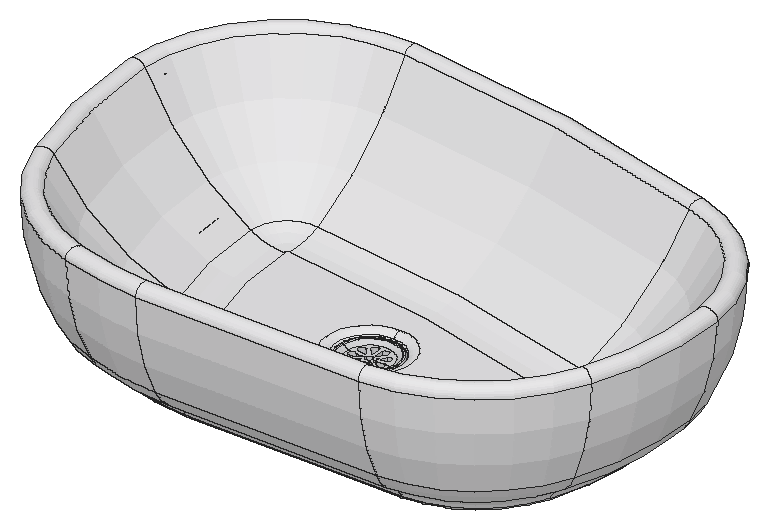
Revit family "Sink-Vessel-Lavatory-KOHLER-Kankara-K-76601IN_1", category Plumbing Fixtures, host Face, Revit 2021
Family settings
  Host = Face
  Round Connector Dimension = Use Diameter
  Part Type = Normal
  OmniClass Number = 23.31.13.00
  OmniClass Title = Sinks
  Cut with Voids When Loaded = No
  Shared = No
  Room Calculation Point = No
Parameters (values of type "0-White")
  Width = 15.84646"  # constant formula
  WaterSense Certified = 1 = 0  # no
  Waste Water Outlet = "Waste Water Outlet"  # constant formula
  Waste Connection = 1 = 1  # yes
  Vent Connection = 1 = 0  # no
  URL = "https://www.kohler.co.in/"
  Type = 1
  Product Page URL = "https://www.kohler.co.in/product-detail/76601in?skuid=K-76601IN-0"
  Product Name = "Kankara"  # constant formula
  Product Documentation Link = "https://resources.kohler.com/plumbing/kohlerindia/pdf/K-76601IN_spec_INDIA_Kohler_en.pdf"
  Model = if(Type = 1, "K-76601IN-0", if(Type = 2, "K-76601IN-7", if(Type = 3, "K-76601IN-K4", if(Type = 4, "K-76601IN-47", if(Type = 5, "K-76601IN-DGS", "NA")))))  # "K-76601IN-0"
  Material = "Vitreous China"  # constant formula
  Master Format 2014 Name = "Residential Lavatories and Sinks"  # constant formula
  Master Format 2014 = "22 41 16"  # constant formula
  Manufacturer Address = "Ambience Office Tower NH-8 Gurgaon / Gurugram Haryana , 122001"  # constant formula
  Manufacturer = "Kohler Co."  # constant formula
  Length = 22.17323"  # constant formula
  Hot Water Inlet = "Hot Water Inlet"  # constant formula
  Height = 5.12992"  # constant formula
  HW Connection = 1 = 0  # no
  Finish = Kohler-Vitreous_China-0-White
  Environmental Product Declaration = ""
  Drain Included = 1 = 0  # no
  Description = "Vessel Basin Without Faucet Hole In Black"  # constant formula
  Default Elevation = 36"
  Declare Label = ""
  Date Modified = "02/23/2023"  # constant formula
  Date Created = "08/13/2022"  # constant formula
  Copyright = "Copyright Kohler Co."  # constant formula
  Contact Us = "https://www.kohler.co.in/contact-us"
  Cold Water Inlet = "Cold Water Inlet"  # constant formula
  CW Connection = 1 = 0  # no
  Assembly Code = "D2010400"
  ADA Compliant = 1 = 0  # no
Types (6): name | Type | Product Page URL | Model | Finish
  (no name) | 1 | "https://www.kohler.co.in/product-detail/76601in?skuid=K-76601IN-0" | "K-76601IN-0" | Kohler-Vitreous_China-0-White
  0-White | 1 | "https://www.kohler.co.in/product-detail/76601in?skuid=K-76601IN-0" | "K-76601IN-0" | Kohler-Vitreous_China-0-White
  7-Black Black | 2 | "https://www.kohler.co.in/product-detail/76601in?skuid=K-76601IN-7" | "K-76601IN-7" | Kohler-Vitreous_China-7-Black_Black
  K4-Cashmere | 3 | "https://www.kohler.co.in/product-detail/76601in?skuid=K-76601IN-K4" | "K-76601IN-K4" | Kohler-Vitreous_China-K4-Cashmere
  47-Almond | 4 | "" | "K-76601IN-47" | Kohler-Vitreous_China-47-Almond
  DGS-Indigo | 5 | "" | "K-76601IN-DGS" | KOHLER-Vitreous_China-DGS-Indigo
Reference planes (in)
  plane 1 "Center (Front/Back)": y = 0
  plane 2: z = 0
  plane 3 "Center (Left/Right)": x = 0
  plane 4: x = -10.88346
  plane 5: y = 8.33858
  plane 6: y = -7.50787
  plane 7: x = 11.28977
  plane 8: x = 8.09055
  plane 9: x = -8.09055
  plane 10: z = 5.12992
  plane 11: y = 0.41535
Dimensions and locks (in)
  "Height": plane 10 to level
  "Width": plane 5 to plane 6
  plane 3 "Center (Left/Right)" to plane 7 = 11.28977"
  plane 1 "Center (Front/Back)" to plane 5 = 8.33858"
  "Length": plane 4 to plane 7
  equal spacing: plane 5, plane 11, plane 6
  aligned and locked: plane 2 to host face
  aligned and locked: level to host face
  aligned and locked: plane 3 "Center (Left/Right)" to nested 1
  aligned and locked: plane 1 "Center (Front/Back)" to nested 1
Automatic sketch dimensions
  host sketch curve to host sketch curve = 96"  (x2)
Nested families (in)
  nested 1: "K-76601IN" at (0, 0, 0), type "K-76601IN"
Connectors (in)
  piping at (0, 0, 0), diameter 1.5, driven by "Waste Connection", driven by "Waste Water Outlet"
    settings: on nested 1, index 1, connector inside diameter 24", connector length 0", flow factor 0, pipe flow 0 GPM, pressure drop 0.00 psi, fitting loss kfactor 0, connector angle 0.00°, fixture units 0, engagement length 0", angle of deflection 0.00°, flow configuration 0, flow direction 2, fitting loss method 0, system type 16, joint type 0, gender type 0, connector reference index -1, connector utility 1, adjustable connector no, is connector primary yes, connector description "Waste Water Outlet"
Definition of nested family "K-76601IN"
  Parameters
    Material = none
    Default Elevation = 0"
  Reference planes (in)
    plane 1 "Center (Front/Back)": y = 0
    plane 2: z = 0
    plane 3 "Center (Left/Right)": x = 0
    plane 4: x = 11.28977
    plane 5: x = -10.88376
    plane 6: y = 8.33858
    plane 7: y = -7.50787
    plane 8: z = 5.12992
    plane 9: x = -8.09055
    plane 10: x = 8.09055
  Forms (in)
    Sweep 1, solid, material <- "Material", detail levels medium+fine
      path origin (0, 0, 0) x (1, 0, 0) y (0, 1, 0)
        loop
          arc (-4.96035, 8.49643) -> (-9.18146, 6.89139) -> (-10.85834, 2.6983) r 5.61939
          arc (-10.85834, 2.6983) -> (-10.52387, -0.18106) -> (-9.7206, -2.96627) r 17.57265
          arc (-9.7206, -2.96627) -> (-7.96867, -5.53817) -> (-5.24306, -7.03982) r 6.69291
          arc (-5.24306, -7.03982) -> (-3.82208, -7.34163) -> (-2.37527, -7.47216) r 12.18266
          arc (-2.37527, -7.47216) -> (1.56164, -7.4918) -> (5.49449, -7.31208) r 77.72965
          arc (5.49449, -7.31208) -> (8.6678, -6.10878) -> (10.65475, -3.35745) r 5.90551
          arc (10.65475, -3.35745) -> (11.20331, -0.89394) -> (11.17627, 1.62976) r 11.00637
          arc (11.17627, 1.62976) -> (9.7839, 4.75307) -> (6.89386, 6.58103) r 5.90551
          arc (6.89386, 6.58103) -> (1.0195, 7.86519) -> (-4.96035, 8.49643) r 54.66793
      profile origin (1.56164, -7.4918, 0) x (-0.020336, 0.999793, 0) y (0, 0, 1)
        loop
          arc (-0.02119, 4.77504) -> (0.20568, 3.00594) -> (0.8548, 1.34467) r 7.29962
          arc (0.8548, 1.34467) -> (1.21611, 0.86708) -> (1.70431, 0.52024) r 1.9685
          arc (1.70431, 0.52024) -> (1.96635, 0.32832) -> (2.15091, 0.06105) r 0.97618
          arc (2.15091, 0.06105) -> (2.18999, 0.01656) -> (2.24684, 0) r 0.10589
          line (2.24684, 0) -> (3.14725, 0) -> (3.17743, 0.86427)
          arc (3.17743, 0.86427) -> (3.24746, 0.97273) -> (3.37616, 0.9625) r 0.12589
          arc (3.37616, 0.9625) -> (4.35129, 0.47538) -> (5.42835, 0.30771) r 3.54331
          line (5.42835, 0.30771) -> (5.60493, 0.30771) -> (5.60493, 0.64104) -> (5.52599, 0.64104)
          arc (5.52599, 0.64104) -> (4.90908, 0.72302) -> (4.33498, 0.96326) r 2.3622
          arc (4.33498, 0.96326) -> (2.19846, 2.67481) -> (0.64939, 4.93191) r 9.3477
          arc (0.64939, 4.93191) -> (0.25157, 5.12078) -> (-0.02119, 4.77504) r 0.35323
        loop
          arc (0.66824, 4.21647) -> (0.53354, 4.28859) -> (0.43975, 4.16799) r 0.11848
          arc (0.43975, 4.16799) -> (0.60425, 2.96915) -> (0.99606, 1.82427) r 6.26734
          arc (0.99606, 1.82427) -> (1.35345, 1.28595) -> (1.86176, 0.88704) r 2.03216
          arc (1.86176, 0.88704) -> (2.15104, 0.69012) -> (2.39942, 0.44364) r 1.90574
          arc (2.39942, 0.44364) -> (2.44737, 0.4068) -> (2.5064, 0.3937) r 0.13955
          line (2.5064, 0.3937) -> (2.65734, 0.3937)
          arc (2.65734, 0.3937) -> (2.73631, 0.42561) -> (2.77095, 0.50341) r 0.11368
          line (2.77095, 0.50341) -> (2.80128, 1.37176)
          arc (2.80128, 1.37176) -> (1.54527, 2.65204) -> (0.66824, 4.21647) r 6.79099
    Extrusion 2, solid, material <- "Material", detail levels medium+fine
      sketch origin (0, 0, 0) x (1, 0, 0) y (0, 1, 0)
        loop
          arc (-5.25698, 2.89933) -> (-5.03023, 0.93036) -> (-4.48162, -0.97419) r 11.96772
          arc (-4.48162, -0.97419) -> (-4.19683, -1.39227) -> (-3.75376, -1.63638) r 1.08799
          arc (-3.75376, -1.63638) -> (-2.98654, -1.79933) -> (-2.20538, -1.86981) r 6.57773
          arc (-2.20538, -1.86981) -> (1.44765, -1.88803) -> (5.09692, -1.72127) r 72.12472
          arc (5.09692, -1.72127) -> (5.25844, -1.66003) -> (5.35957, -1.51999) r 0.30058
          arc (5.35957, -1.51999) -> (5.62878, -0.311) -> (5.61551, 0.92752) r 5.40144
          arc (5.61551, 0.92752) -> (5.54464, 1.08649) -> (5.39754, 1.17953) r 0.30058
          arc (5.39754, 1.17953) -> (0.11771, 2.33328) -> (-5.25698, 2.89933) r 49.06301
      from 0.30771 to 0.64104
    Revolve 3, void
      sketch origin (0, 0, 0) x (0, 1, 0) y (0, 0, 1)
        loop
          arc (-1.43717, 0.64104) -> (-1.26943, 0.60767) -> (-1.12723, 0.51266) r 0.43831
          line (-1.12723, 0.51266) -> (-0.92259, 0.30801)
          arc (-0.92259, 0.30801) -> (-0.8951, 0.26687) -> (-0.88545, 0.21835) r 0.12681
          line (-0.88545, 0.21835) -> (-0.88545, 0.07949)
          arc (-0.88545, 0.07949) -> (-0.90873, 0.02328) -> (-0.96494, 0) r 0.07949
          line (-0.96494, 0) -> (-1.04406, 0) -> (-1.04406, -0.13907) -> (0, -0.13907) -> (0, 0.83789) -> (-1.70934, 0.83789) -> (-1.70934, 0.64104) -> (-1.43717, 0.64104)
        axis (0, 0.83789) -> (0, -0.13907)
      angle from 0 to 360
    Revolve 4, solid, material <- "Material", detail levels medium+fine
      sketch origin (0, 0, 0) x (0, 1, 0) y (0, 0, 1)
        loop
          arc (1.28738, 0) -> (1.33451, 0.01661) -> (1.36078, 0.05911) r 0.07513
          arc (1.36078, 0.05911) -> (1.47132, 0.23784) -> (1.6695, 0.30771) r 0.31598
          line (1.6695, 0.30771) -> (0, 0.30771) -> (0, 0) -> (1.28738, 0)
        axis (0, 0.30771) -> (0, 0)
      angle from 0 to 360
    Sweep 5, solid, material <- "Material", detail levels coarse
      path origin (0, 0, 0) x (1, 0, 0) y (0, 1, 0)
        loop
          arc (-9.81141, -3.0008) -> (-8.03405, -5.61004) -> (-5.26887, -7.13349) r 6.79007
          arc (-5.26887, -7.13349) -> (-3.83656, -7.43771) -> (-2.37822, -7.56927) r 12.27982
          arc (-2.37822, -7.56927) -> (1.56361, -7.58894) -> (5.50138, -7.409) r 77.82681
          arc (5.50138, -7.409) -> (8.7269, -6.1859) -> (10.74654, -3.3893) r 6.00267
          arc (10.74654, -3.3893) -> (11.29994, -0.90405) -> (11.27266, 1.64193) r 11.10353
          arc (11.27266, 1.64193) -> (9.85739, 4.81664) -> (6.9198, 6.67467) r 6.00267
          arc (6.9198, 6.67467) -> (1.035, 7.96111) -> (-4.95548, 8.59347) r 54.76509
          arc (-4.95548, 8.59347) -> (-9.24957, 6.96068) -> (-10.95545, 2.69509) r 5.71655
          arc (-10.95545, 2.69509) -> (-10.61913, -0.2002) -> (-9.81141, -3.0008) r 17.66981
      profile origin (-10.95545, 2.69509, 0) x (-0.999453, -0.033064, 0) y (0, 0, 1)
        loop
          arc (0.00003, 4.65502) -> (-0.41358, 5.14111) -> (-0.9584, 4.80866) r 0.49139
          arc (-0.9584, 4.80866) -> (-2.636, 2.50668) -> (-5.34543, 1.62778) r 4.6157
          line (-5.34543, 1.62778) -> (-5.66317, 1.62778) -> (-5.66317, 0) -> (-1.78255, 0)
          arc (-1.78255, 0) -> (-0.46305, 2.16353) -> (0.00003, 4.65502) r 7.00267
    Extrusion 6, solid, material <- "Material", detail levels coarse
      sketch origin (0, 0, 0) x (1, 0, 0) y (0, 1, 0)
        loop
          arc (-5.23935, 2.93741) -> (-5.27944, 2.92217) -> (-5.29537, 2.88234) r 0.05338
          arc (-5.29537, 2.88234) -> (-5.06684, 0.91499) -> (-4.518, -0.98802) r 12.00664
          arc (-4.518, -0.98802) -> (-4.22302, -1.42106) -> (-3.76411, -1.6739) r 1.1269
          arc (-3.76411, -1.6739) -> (-2.99234, -1.83781) -> (-2.20656, -1.90871) r 6.61665
          arc (-2.20656, -1.90871) -> (1.44844, -1.92694) -> (5.09968, -1.76009) r 72.16364
          arc (5.09968, -1.76009) -> (5.28211, -1.69092) -> (5.39634, -1.53274) r 0.3395
          arc (5.39634, -1.53274) -> (5.66748, -0.31505) -> (5.65412, 0.93239) r 5.44036
          arc (5.65412, 0.93239) -> (5.57407, 1.11195) -> (5.40793, 1.21704) r 0.3395
          arc (5.40793, 1.21704) -> (0.13167, 2.37045) -> (-5.23935, 2.93741) r 49.10192
      from 0 to 1.62778
    Revolve 7, solid, detail levels medium+fine
      sketch origin (0, 0, 0) x (1, 0, 0) y (0, 0, 1)
        loop
          arc (-1.0375, 0.4836) -> (-1.0673, 0.45881) -> (-1.04836, 0.42499) r 0.03031
          line (-1.04836, 0.42499) -> (-0.7632, 0.31552) -> (-0.82395, 0.31552) -> (-0.82395, 0.17467) -> (0, 0.17467) -> (0, 0.37289) -> (-0.77815, 0.37289)
          arc (-0.77815, 0.37289) -> (-0.856, 0.437) -> (-0.94822, 0.47781) r 0.37154
          arc (-0.94822, 0.47781) -> (-0.96853, 0.48214) -> (-0.98924, 0.4836) r 0.1482
          line (-0.98924, 0.4836) -> (-1.0375, 0.4836)
        axis (0, 0.17467) -> (0, 0.4836)
      angle from 0 to 360
    Extrusion 8, void
      sketch origin (0, 0, 0) x (1, 0, 0) y (0, 1, 0)
        loop
          circle (0, 0) r 0.12253
        loop
          arc (0.04887, 0.24343) -> (0.07408, 0.20732) -> (0.11667, 0.21854) r 0.03847
          line (0.11667, 0.21854) -> (0.28209, 0.41344)
          arc (0.28209, 0.41344) -> (0.22681, 0.62328) -> (0.04887, 0.49907) r 0.13232
          line (0.04887, 0.49907) -> (0.04887, 0.24343)
        loop
          arc (0.19392, 0.15506) -> (0.19002, 0.1112) -> (0.22985, 0.09242) r 0.03847
          line (0.22985, 0.09242) -> (0.48184, 0.13539)
          arc (0.48184, 0.13539) -> (0.57438, 0.33167) -> (0.35823, 0.35089) r 0.13232
          line (0.35823, 0.35089) -> (0.19392, 0.15506)
        loop
          arc (0.24822, -0.00586) -> (0.21704, -0.03696) -> (0.23548, -0.07695) r 0.03847
          line (0.23548, -0.07695) -> (0.45614, -0.20601)
          arc (0.45614, -0.20601) -> (0.6532, -0.11513) -> (0.49997, 0.03853) r 0.13232
          line (0.49997, 0.03853) -> (0.24822, -0.00586)
        loop
          arc (0.18638, -0.16404) -> (0.14251, -0.16782) -> (0.13093, -0.21031) r 0.03847
          line (0.13093, -0.21031) -> (0.21701, -0.45101)
          arc (0.21701, -0.45101) -> (0.42638, -0.50806) -> (0.40777, -0.29186) r 0.13232
          line (0.40777, -0.29186) -> (0.18638, -0.16404)
        loop
          arc (0.03733, -0.24547) -> (0.00129, -0.22016) -> (-0.03489, -0.24527) r 0.03847
          line (-0.03489, -0.24527) -> (-0.12367, -0.48499)
          arc (-0.12367, -0.48499) -> (0.00005, -0.66327) -> (0.12476, -0.48569) r 0.13232
          line (0.12476, -0.48569) -> (0.03733, -0.24547)
        loop
          line (-0.04887, 0.24343) -> (-0.04887, 0.49907)
          arc (-0.04887, 0.49907) -> (-0.22681, 0.62328) -> (-0.28209, 0.41344) r 0.13232
          line (-0.28209, 0.41344) -> (-0.11667, 0.21854)
          arc (-0.11667, 0.21854) -> (-0.07408, 0.20732) -> (-0.04887, 0.24343) r 0.03847
        loop
          line (-0.19392, 0.15506) -> (-0.35823, 0.35089)
          arc (-0.35823, 0.35089) -> (-0.57438, 0.33167) -> (-0.48184, 0.13539) r 0.13232
          line (-0.48184, 0.13539) -> (-0.22985, 0.09242)
          arc (-0.22985, 0.09242) -> (-0.19002, 0.1112) -> (-0.19392, 0.15506) r 0.03847
        loop
          line (-0.24822, -0.00586) -> (-0.49997, 0.03853)
          arc (-0.49997, 0.03853) -> (-0.6532, -0.11513) -> (-0.45614, -0.20601) r 0.13232
          line (-0.45614, -0.20601) -> (-0.23548, -0.07695)
          arc (-0.23548, -0.07695) -> (-0.21704, -0.03696) -> (-0.24822, -0.00586) r 0.03847
        loop
          line (-0.18638, -0.16404) -> (-0.40777, -0.29186)
          arc (-0.40777, -0.29186) -> (-0.42638, -0.50806) -> (-0.21701, -0.45101) r 0.13232
          line (-0.21701, -0.45101) -> (-0.13093, -0.21031)
          arc (-0.13093, -0.21031) -> (-0.14251, -0.16782) -> (-0.18638, -0.16404) r 0.03847
      from -0.26619 to 0.658
  Cuts and joins
    Revolve 3 cuts Sweep 1
    Revolve 3 cuts Extrusion 2
    Revolve 3 cuts Revolve 4
    joined: Sweep 1, Extrusion 2, Revolve 4
    joined: Sweep 5, Extrusion 6
    Extrusion 8 cuts Revolve 7
  Lines and regions (in)
    Masking region 1
      outline origin (0, 0, 0) x (1, 0, 0) y (0, 1, 0)
        loop
          arc (9.94743, -4.70525) -> (11.25709, -0.83825) -> (10.63789, 3.19727) r 8.60895
          arc (10.63789, 3.19727) -> (9.11572, 5.38373) -> (6.77109, 6.64876) r 5.74654
          arc (6.77109, 6.64876) -> (1.57405, 7.57792) -> (-3.66069, 8.26344) r 113.05565
          arc (-3.66069, 8.26344) -> (-4.79583, 8.33582) -> (-5.93298, 8.31) r 13.17237
          arc (-5.93298, 8.31) -> (-9.28971, 7.02914) -> (-10.84727, 3.7915) r 4.85603
          arc (-10.84727, 3.7915) -> (-10.82617, 1.42212) -> (-10.43551, -0.91493) r 15.13406
          arc (-10.43551, -0.91493) -> (-9.9498, -2.46433) -> (-9.28273, -3.94473) r 13.5875
          arc (-9.28273, -3.94473) -> (-8.10804, -5.53187) -> (-6.45046, -6.60488) r 5.52761
          arc (-6.45046, -6.60488) -> (-4.7369, -7.16458) -> (-2.9565, -7.4469) r 11.3892
          arc (-2.9565, -7.4469) -> (1.30131, -7.50181) -> (5.55645, -7.34149) r 84.23354
          arc (5.55645, -7.34149) -> (8.06345, -6.54223) -> (9.94743, -4.70525) r 5.72041
    Masking region 2
      outline origin (0, 0, 0) x (1, 0, 0) y (0, 0, 1)
        loop
          line (-8.61227, 0) -> (9.01827, 0)
          arc (9.01827, 0) -> (9.07523, 0.01627) -> (9.11501, 0.06016) r 0.10786
          arc (9.11501, 0.06016) -> (9.31597, 0.33976) -> (9.59672, 0.53912) r 1.04771
          arc (9.59672, 0.53912) -> (10.03234, 0.83849) -> (10.36025, 1.25305) r 1.77165
          arc (10.36025, 1.25305) -> (11.05605, 2.95114) -> (11.28977, 4.77132) r 7.0461
          arc (11.28977, 4.77132) -> (11.18406, 5.02495) -> (10.93012, 5.12992) r 0.35964
          line (10.93012, 5.12992) -> (-10.52412, 5.12992)
          arc (-10.52412, 5.12992) -> (-10.77806, 5.02495) -> (-10.88376, 4.77132) r 0.35964
          arc (-10.88376, 4.77132) -> (-10.65005, 2.95114) -> (-9.95424, 1.25305) r 7.0461
          arc (-9.95424, 1.25305) -> (-9.62634, 0.83849) -> (-9.19072, 0.53912) r 1.77165
          arc (-9.19072, 0.53912) -> (-8.90997, 0.33976) -> (-8.709, 0.06016) r 1.04771
          arc (-8.709, 0.06016) -> (-8.66923, 0.01627) -> (-8.61227, 0) r 0.10786
    Masking region 3
      outline origin (0, 0, 0) x (0, 1, 0) y (0, 0, 1)
        loop
          arc (6.06709, 0) -> (6.12404, 0.01627) -> (6.16382, 0.06016) r 0.10786
          arc (6.16382, 0.06016) -> (6.36479, 0.33976) -> (6.64554, 0.53912) r 1.04771
          arc (6.64554, 0.53912) -> (7.08115, 0.83849) -> (7.40906, 1.25305) r 1.77165
          arc (7.40906, 1.25305) -> (8.10487, 2.95114) -> (8.33858, 4.77132) r 7.0461
          arc (8.33858, 4.77132) -> (8.23288, 5.02495) -> (7.97894, 5.12992) r 0.35964
          line (7.97894, 5.12992) -> (-7.14823, 5.12992)
          arc (-7.14823, 5.12992) -> (-7.40217, 5.02495) -> (-7.50787, 4.77132) r 0.35964
          arc (-7.50787, 4.77132) -> (-7.27416, 2.95114) -> (-6.57836, 1.25305) r 7.0461
          arc (-6.57836, 1.25305) -> (-6.25045, 0.83849) -> (-5.81483, 0.53912) r 1.77165
          arc (-5.81483, 0.53912) -> (-5.53408, 0.33976) -> (-5.33311, 0.06016) r 1.04771
          arc (-5.33311, 0.06016) -> (-5.29334, 0.01627) -> (-5.23638, 0) r 0.10786
          line (-5.23638, 0) -> (6.06709, 0)
    symbolic lines
      curve 1: arc (-3.7013, 7.91839, 0) -> (-4.7898, 7.98867, 0) -> (-5.88032, 7.96559, 0) r 12.7393
      curve 2: arc (6.6594, 6.13191, 0) -> (1.51932, 7.25868, 0) -> (-3.7013, 7.91839, 0) r 58.42319
      curve 3: arc (-10.37309, 3.73276, 0) -> (-10.34937, 1.44555, 0) -> (-9.97115, -0.81031, 0) r 14.70098
      curve 4: arc (-9.97115, -0.81031, 0) -> (-9.51133, -2.31064, 0) -> (-8.89421, -3.75341, 0) r 14.70098
      curve 5: arc (-8.89421, -3.75341, 0) -> (-7.81156, -5.2162, 0) -> (-6.28384, -6.20515, 0) r 5.09454
      curve 6: arc (-6.28384, -6.20515, 0) -> (-4.6396, -6.74256, 0) -> (-2.93127, -7.01447, 0) r 10.95613
      curve 7: arc (-2.93127, -7.01447, 0) -> (1.3003, -7.06872, 0) -> (5.52921, -6.90928, 0) r 83.80047
      curve 8: arc (5.52921, -6.90928, 0) -> (7.88206, -6.18554, 0) -> (9.65039, -4.47302, 0) r 5.27559
      curve 9: arc (9.65039, -4.47302, 0) -> (10.89431, -0.79899, 0) -> (10.30491, 3.03487, 0) r 8.17588
      curve 10: circle (0, 0, 0) r 1.13362 normal (0, 0, 1)
      curve 55: arc (-5.88032, 7.96559, 0) -> (-8.95694, 6.7304, 0) -> (-10.37309, 3.73276, 0) r 4.53915
      curve 56: arc (10.30491, 3.03487, 0) -> (8.83119, 4.99423, 0) -> (6.6594, 6.13191, 0) r 5.57513
    symbolic lines, detail levels medium+fine
      curve 11: circle (0, 0, 0) r 0.77815 normal (0, 0, 1)
      curve 12: circle (0, 0, 0) r 1.06515 normal (0, 0, 1)
      curve 13: circle (0, 0, 0) r 1.41887 normal (0, 0, 1)
      curve 14: line (-10.88376, 0, 4.77132) -> (11.28977, 0, 4.77132)
      curve 15: line (-8.709, 0, 0.06016) -> (9.11501, 0, 0.06016)
      curve 16: line (0, 8.33858, 4.77132) -> (0, -7.50787, 4.77132)
      curve 17: line (0, -5.33311, 0.06016) -> (0, 6.16382, 0.06016)
      curve 18: circle (0, 0, 0) r 0.12253 normal (0, 0, 1)
      curve 19: line (0.04887, 0.24343, 0) -> (0.04887, 0.49907, 0)
      curve 20: line (0.11667, 0.21854, 0) -> (0.28209, 0.41344, 0)
      curve 21: arc (0.04887, 0.49907, 0) -> (0.22681, 0.62328, 0) -> (0.28209, 0.41344, 0) r 0.13232
      curve 22: arc (0.04887, 0.24343, 0) -> (0.07408, 0.20732, 0) -> (0.11667, 0.21854, 0) r 0.03847
      curve 23: line (0.19392, 0.15506, 0) -> (0.35823, 0.35089, 0)
      curve 24: line (0.22985, 0.09242, 0) -> (0.48184, 0.13539, 0)
      curve 25: arc (0.35823, 0.35089, 0) -> (0.57438, 0.33167, 0) -> (0.48184, 0.13539, 0) r 0.13232
      curve 26: arc (0.19392, 0.15506, 0) -> (0.19002, 0.1112, 0) -> (0.22985, 0.09242, 0) r 0.03847
      curve 27: line (0.24822, -0.00586, 0) -> (0.49997, 0.03853, 0)
      curve 28: line (0.23548, -0.07695, 0) -> (0.45614, -0.20601, 0)
      curve 29: arc (0.49997, 0.03853, 0) -> (0.6532, -0.11513, 0) -> (0.45614, -0.20601, 0) r 0.13232
      curve 30: arc (0.24822, -0.00586, 0) -> (0.21704, -0.03696, 0) -> (0.23548, -0.07695, 0) r 0.03847
      curve 31: line (0.18638, -0.16404, 0) -> (0.40777, -0.29186, 0)
      curve 32: line (0.13093, -0.21031, 0) -> (0.21701, -0.45101, 0)
      curve 33: arc (0.40777, -0.29186, 0) -> (0.42638, -0.50806, 0) -> (0.21701, -0.45101, 0) r 0.13232
      curve 34: arc (0.18638, -0.16404, 0) -> (0.14251, -0.16782, 0) -> (0.13093, -0.21031, 0) r 0.03847
      curve 35: line (0.03733, -0.24547, 0) -> (0.12476, -0.48569, 0)
      curve 36: line (-0.03489, -0.24527, 0) -> (-0.12367, -0.48499, 0)
      curve 37: arc (0.12476, -0.48569, 0) -> (0.00005, -0.66327, 0) -> (-0.12367, -0.48499, 0) r 0.13232
      curve 38: arc (0.03733, -0.24547, 0) -> (0.00129, -0.22016, 0) -> (-0.03489, -0.24527, 0) r 0.03847
      curve 39: line (-0.04887, 0.24343, 0) -> (-0.04887, 0.49907, 0)
      curve 40: line (-0.11667, 0.21854, 0) -> (-0.28209, 0.41344, 0)
      curve 41: arc (-0.04887, 0.49907, 0) -> (-0.22681, 0.62328, 0) -> (-0.28209, 0.41344, 0) r 0.13232
      curve 42: arc (-0.04887, 0.24343, 0) -> (-0.07408, 0.20732, 0) -> (-0.11667, 0.21854, 0) r 0.03847
      curve 43: line (-0.19392, 0.15506, 0) -> (-0.35823, 0.35089, 0)
      curve 44: line (-0.22985, 0.09242, 0) -> (-0.48184, 0.13539, 0)
      curve 45: arc (-0.35823, 0.35089, 0) -> (-0.57438, 0.33167, 0) -> (-0.48184, 0.13539, 0) r 0.13232
      curve 46: arc (-0.19392, 0.15506, 0) -> (-0.19002, 0.1112, 0) -> (-0.22985, 0.09242, 0) r 0.03847
      curve 47: line (-0.24822, -0.00586, 0) -> (-0.49997, 0.03853, 0)
      curve 48: line (-0.23548, -0.07695, 0) -> (-0.45614, -0.20601, 0)
      curve 49: arc (-0.49997, 0.03853, 0) -> (-0.6532, -0.11513, 0) -> (-0.45614, -0.20601, 0) r 0.13232
      curve 50: arc (-0.24822, -0.00586, 0) -> (-0.21704, -0.03696, 0) -> (-0.23548, -0.07695, 0) r 0.03847
      curve 51: line (-0.18638, -0.16404, 0) -> (-0.40777, -0.29186, 0)
      curve 52: line (-0.13093, -0.21031, 0) -> (-0.21701, -0.45101, 0)
      curve 53: arc (-0.40777, -0.29186, 0) -> (-0.42638, -0.50806, 0) -> (-0.21701, -0.45101, 0) r 0.13232
      curve 54: arc (-0.18638, -0.16404, 0) -> (-0.14251, -0.16782, 0) -> (-0.13093, -0.21031, 0) r 0.03847
  Dimensions and locks (in)
    plane 5 to plane 4 = 22.17353"  (x2)
    plane 8 to level = 5.12992"
    plane 6 to plane 7 = 15.84646"
    plane 7 to plane 6 = 15.84646"
    aligned and locked: plane 2 to level
